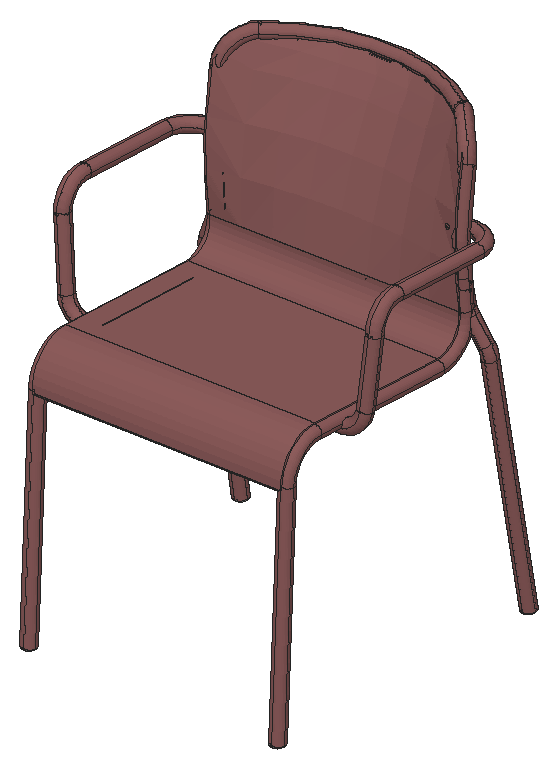
Revit family "FU_Chair_Sandler_Momo", category Furniture, Revit 2020
Family settings
  OmniClass Number = 23.40.20.00
  OmniClass Title = General Furniture and Specialties
  Work Plane-Based = No
  Always vertical = Yes
  Cut with Voids When Loaded = No
  Shared = No
  Room Calculation Point = No
Parameters (values of type "Momo 2")
  Width = 520 mm
  URL = "https://www.sandlerseating.com/product/momo-2/"
  Momo Mesh = Metal - Mesh - Aubergine NCS 5540-Y90R
  Model = "Momo 2"
  Manufacturer = "Sandler"
  Height = 810 mm
  Frame = Metal - Powdercoat - Aubergine NCS 5540-Y90R
  Description = "4-leg armchair made of expanded metal mesh welded to a curved tubular galvanised steel frame, polyester powder coated. Suitable for outdoor use as well as indoor. Stackable up to 12 units. Minimum order quantity 4 and only available in Multiples of 4."
  Depth = 550 mm
  Default Elevation = 0 mm
  Arms_IsVisible = yes
  Arm Width = 580 mm
Types (3, lengths in mm): name | URL | Momo Mesh | Model | Frame | Description | Arms_IsVisible
  (no name) | "https://www.sandlerseating.com/product/momo-2/" | Metal - Mesh - Aubergine NCS 5540-Y90R | "Momo 2" | Metal - Powdercoat - Aubergine NCS 5540-Y90R | "4-leg armchair made of expanded metal mesh welded to a curved tubular galvanised steel frame, polyester powder coated. Suitable for outdoor use as well as indoor. Stackable up to 12 units. Minimum order quantity 4 and only available in Multiples of 4." | yes
  Momo 1 | "https://www.sandlerseating.com/product/momo-1/" | Metal - Mesh - Senf - NCS 2070-Y10R | "Momo 1" | Metal - Powdercoat - Senf - NCS 2070-Y10R | "4-leg chair made of expanded metal mesh welded to a curved tubular galvanised steel frame, polyester powder coated. Suitable for outdoor use as well as indoor. Stackable up to 12 units. Minimum order quantity 4 and only available in Multiples of 4." | no
  Momo 2 | "https://www.sandlerseating.com/product/momo-2/" | Metal - Mesh - Aubergine NCS 5540-Y90R | "Momo 2" | Metal - Powdercoat - Aubergine NCS 5540-Y90R | "4-leg armchair made of expanded metal mesh welded to a curved tubular galvanised steel frame, polyester powder coated. Suitable for outdoor use as well as indoor. Stackable up to 12 units. Minimum order quantity 4 and only available in Multiples of 4." | yes
Reference planes
  plane 1 "Center (Front/Back)": y = 0
  plane 2: z = 0
  plane 3 "Center (Left/Right)": x = 0
  plane 4 "Right": x = -260
  plane 5 "Left": x = 260
  plane 6 "Back": y = 275
  plane 7 "Front": y = -275
  plane 8 "Height": z = 810
  plane 9 "Seat height": z = 450
  plane 10 "Arm Right": x = -290
  plane 11 "Arm Left": x = 290
  plane 12 "FRL C TOP": x = -221.075
  plane 13 "Top Frame Right": z = 797.5
  plane 14 "TF Ang TOP": x = -162.389
  plane 15 "BL C RIGHT": through (4267.2, 252.344, 2.486) normal (0, -0.9835, -0.1811)
  plane 16 "Glide Height": z = 5
Forms (mm)
  Sweep 1, solid, material "Metal - Powdercoat - Aubergine NCS 5540-Y90R" <- "Frame"
    path origin (-221.075, 0, 0) x (0, 1, 0) y (0, 0, 1)
      loop
        line (-262.5, 1.341) -> (-242.426, 407.451)
        arc (-242.426, 407.451) -> (-223.244, 448.454) -> (-180.828, 464.267) r 59.798
        line (-180.828, 464.267) -> (92.309, 446.924)
        arc (92.309, 446.924) -> (140.062, 466.899) -> (153.142, 516.982) r 58.347
        arc (153.142, 516.982) -> (145.417, 631.448) -> (158.863, 745.384) r 621.501
    profile "Pro_Circles : 25mm" origin (-221.075, -252.463, 204.396) x (0, -0.998781, 0.049371) y (1, 0, 0)
      loop
        arc (-12.467, 0.067) -> (-8.882, -8.788) -> (-0.067, -12.467) r 12.401
        arc (-0.067, -12.467) -> (8.836, -8.836) -> (12.467, 0.067) r 12.401
        arc (12.467, 0.067) -> (8.788, 8.882) -> (-0.067, 12.467) r 12.401
        arc (-0.067, 12.467) -> (-8.835, 8.835) -> (-12.467, 0.067) r 12.4
  Sweep 2, solid, material "Metal - Powdercoat - Aubergine NCS 5540-Y90R" <- "Frame"
    path origin (221.075, 0, 0) x (0, 1, 0) y (0, 0, -1)
      loop
        line (-262.5, -1.341) -> (-242.426, -407.451)
        arc (-242.426, -407.451) -> (-223.244, -448.454) -> (-180.828, -464.267) r 59.798
        line (-180.828, -464.267) -> (92.309, -446.924)
        arc (92.309, -446.924) -> (140.062, -466.899) -> (153.142, -516.982) r 58.347
        arc (153.142, -516.982) -> (145.417, -631.448) -> (158.863, -745.384) r 621.501
    profile "Pro_Circles : 25mm" origin (221.075, -252.463, 204.396) x (0, 0.998781, -0.049371) y (-1, 0, 0)
      loop
        arc (12.467, 0.067) -> (8.835, 8.835) -> (0.067, 12.467) r 12.4
        arc (0.067, 12.467) -> (-8.788, 8.882) -> (-12.467, 0.067) r 12.401
        arc (-12.467, 0.067) -> (-8.836, -8.836) -> (0.067, -12.467) r 12.401
        arc (0.067, -12.467) -> (8.882, -8.788) -> (12.467, 0.067) r 12.401
  Sweep 3, solid, material "Metal - Powdercoat - Aubergine NCS 5540-Y90R" <- "Frame"
    path origin (0, 0, 797.5) x (0, -1, 0) y (1, 0, 0)
      loop
        arc (-197.837, -181.519) -> (-263.009, 0) -> (-197.837, 181.519) r 285.372
    profile "Pro_Circles : 25mm" origin (0, 263.009, 797.5) x (0, 1, 0) y (0, 0, 1)
      loop
        arc (-12.467, 0.067) -> (-8.882, -8.788) -> (-0.067, -12.467) r 12.401
        arc (-0.067, -12.467) -> (8.836, -8.836) -> (12.467, 0.067) r 12.401
        arc (12.467, 0.067) -> (8.788, 8.882) -> (-0.067, 12.467) r 12.401
        arc (-0.067, 12.467) -> (-8.835, 8.835) -> (-12.467, 0.067) r 12.4
  Sweep 4, solid, material "Metal - Powdercoat - Aubergine NCS 5540-Y90R" <- "Frame"
    path origin (-332.889, 46.014, 0) x (0.703842, 0.710357, 0) y (0, 0, 1)
      loop
        arc (158.666, 742.988) -> (177.698, 781.757) -> (217.784, 797.832) r 60.258
    profile "Pro_Circles : 25mm" origin (-207.817, 172.243, 781.757) x (-0.47869, -0.48312, 0.73311) y (0.710357, -0.703842, 0)
      loop
        arc (-12.467, 0.067) -> (-8.882, -8.788) -> (-0.067, -12.467) r 12.401
        arc (-0.067, -12.467) -> (8.836, -8.836) -> (12.467, 0.067) r 12.401
        arc (12.467, 0.067) -> (8.788, 8.882) -> (-0.067, 12.467) r 12.401
        arc (-0.067, 12.467) -> (-8.835, 8.835) -> (-12.467, 0.067) r 12.4
  Sweep 5, solid, material "Metal - Powdercoat - Aubergine NCS 5540-Y90R" <- "Frame"
    path origin (332.889, 46.014, 0) x (-0.703842, 0.710357, 0) y (0, 0, -1)
      loop
        arc (158.666, -742.988) -> (177.698, -781.757) -> (217.784, -797.832) r 60.258
    profile "Pro_Circles : 25mm" origin (207.817, 172.243, 781.757) x (-0.47869, 0.48312, -0.73311) y (-0.710357, -0.703842, 0)
      loop
        arc (12.467, 0.067) -> (8.835, 8.835) -> (0.067, 12.467) r 12.4
        arc (0.067, 12.467) -> (-8.788, 8.882) -> (-12.467, 0.067) r 12.401
        arc (-12.467, 0.067) -> (-8.836, -8.836) -> (0.067, -12.467) r 12.401
        arc (0.067, -12.467) -> (8.882, -8.788) -> (12.467, 0.067) r 12.401
  Sweep 6, solid, material "Metal - Powdercoat - Aubergine NCS 5540-Y90R" <- "Frame"
    path origin (0, 244.508, 45.033) x (0, 0.181131, -0.983459) y (1, 0, 0)
      loop
        line (43.375, -255.816) -> (-400.538, -251.303)
        arc (-400.538, -251.303) -> (-411.128, -250.356) -> (-421.2, -246.949) r 44.976
        line (-421.2, -246.949) -> (-465.676, -225.759)
        arc (-465.676, -225.759) -> (-473.063, -222.872) -> (-480.788, -221.075) r 55.118
        line (-480.788, -221.075) -> (-534.707, -221.075)
    profile "Pro_Circles : 25mm" origin (-253.56, 212.161, 220.66) x (-0.999948, -0.001842, 0.009999) y (0, -0.983459, -0.181131)
      loop
        arc (-12.467, 0.067) -> (-8.882, -8.788) -> (-0.067, -12.467) r 12.401
        arc (-0.067, -12.467) -> (8.836, -8.836) -> (12.467, 0.067) r 12.401
        arc (12.467, 0.067) -> (8.788, 8.882) -> (-0.067, 12.467) r 12.401
        arc (-0.067, 12.467) -> (-8.835, 8.835) -> (-12.467, 0.067) r 12.4
  Sweep 7, solid, material "Metal - Powdercoat - Aubergine NCS 5540-Y90R" <- "Frame"
    path origin (0, 244.508, 45.033) x (0, 0.181131, -0.983459) y (-1, 0, 0)
      loop
        line (43.375, -255.816) -> (-400.538, -251.303)
        arc (-400.538, -251.303) -> (-411.128, -250.356) -> (-421.2, -246.949) r 44.976
        line (-421.2, -246.949) -> (-465.676, -225.759)
        arc (-465.676, -225.759) -> (-473.063, -222.872) -> (-480.788, -221.075) r 55.118
        line (-480.788, -221.075) -> (-534.707, -221.075)
    profile "Pro_Circles : 25mm" origin (253.56, 212.161, 220.66) x (-0.999948, 0.001842, -0.009999) y (0, -0.983459, -0.181131)
      loop
        arc (12.467, 0.067) -> (8.835, 8.835) -> (0.067, 12.467) r 12.4
        arc (0.067, 12.467) -> (-8.788, 8.882) -> (-12.467, 0.067) r 12.401
        arc (-12.467, 0.067) -> (-8.836, -8.836) -> (0.067, -12.467) r 12.401
        arc (0.067, -12.467) -> (8.882, -8.788) -> (12.467, 0.067) r 12.401
  Extrusion 8, solid, material "Metal - Powdercoat - Aubergine NCS 5540-Y90R" <- "Frame"
    sketch origin (0, 0, 0) x (0, 1, 0) y (0, 0, 1)
      loop
        circle (-247.284, 404.016) r 6
    from -221 to 221.008
  Extrusion 9, void
    sketch origin (0, 0, 0) x (0, 1, 0) y (0, 0, 1)
      loop
        line (-285, -5) -> (275, -5) -> (275, 5) -> (-285, 5) -> (-285, -5)
    from -290 to 290
  Revolve 10, solid, material "Rubber, Black"
    sketch origin (-221.075, 0, 0) x (0, 1, 0) y (0, 0, 1)
      loop
        spline (-273.129, 7.5) -> (-274.051, 6.708) -> (-274.614, 5.864) -> (-274.802, 4.993) -> (-274.608, 4.123) -> (-274.039, 3.279) -> (-273.112, 2.488) -> (-271.856, 1.774) -> (-270.309, 1.158) -> (-268.517, 0.66) -> (-266.536, 0.294) -> (-264.426, 0.072) -> (-262.253, 0)
        line (-262.253, 0) -> (-262.253, 7.5) -> (-273.129, 7.5)
      axis (-262.253, 7.5) -> (-262.253, 0)
    angle from 0 to 360
  Revolve 11, solid, material "Rubber, Black"
    sketch origin (221.075, 0, 0) x (0, 1, 0) y (0, 0, -1)
      loop
        line (-273.129, -7.5) -> (-262.253, -7.5) -> (-262.253, 0)
        spline (-262.253, 0) -> (-264.426, -0.072) -> (-266.536, -0.294) -> (-268.517, -0.66) -> (-270.309, -1.158) -> (-271.856, -1.774) -> (-273.112, -2.488) -> (-274.039, -3.279) -> (-274.608, -4.123) -> (-274.802, -4.993) -> (-274.614, -5.864) -> (-274.051, -6.708) -> (-273.129, -7.5)
      axis (-262.253, -7.5) -> (-262.253, 0)
    angle from 0 to 360
  Revolve 12, solid, material "Rubber, Black"
    sketch origin (255.699, -10.296, 0) x (0, -1, 0) y (0, 0, 1)
      loop
        spline (-273.129, 7.5) -> (-274.051, 6.708) -> (-274.614, 5.864) -> (-274.802, 4.993) -> (-274.608, 4.123) -> (-274.039, 3.279) -> (-273.112, 2.488) -> (-271.856, 1.774) -> (-270.309, 1.158) -> (-268.517, 0.66) -> (-266.536, 0.294) -> (-264.426, 0.072) -> (-262.253, 0)
        line (-262.253, 0) -> (-262.253, 7.5) -> (-273.129, 7.5)
      axis (-262.253, 7.5) -> (-262.253, 0)
    angle from 0 to 360
  Revolve 13, solid, material "Rubber, Black"
    sketch origin (-255.699, -10.296, 0) x (0, -1, 0) y (0, 0, -1)
      loop
        line (-273.129, -7.5) -> (-262.253, -7.5) -> (-262.253, 0)
        spline (-262.253, 0) -> (-264.426, -0.072) -> (-266.536, -0.294) -> (-268.517, -0.66) -> (-270.309, -1.158) -> (-271.856, -1.774) -> (-273.112, -2.488) -> (-274.039, -3.279) -> (-274.608, -4.123) -> (-274.802, -4.993) -> (-274.614, -5.864) -> (-274.051, -6.708) -> (-273.129, -7.5)
      axis (-262.253, -7.5) -> (-262.253, 0)
    angle from 0 to 360
  Extrusion 14, solid, material "Metal - Mesh - Aubergine NCS 5540-Y90R" <- "Momo Mesh"
    sketch origin (0, 0, 0) x (0, 1, 0) y (0, 0, 1)
      loop
        line (-180.21, 477.09) -> (93.037, 459.37)
        arc (93.037, 459.37) -> (130.712, 475.147) -> (140.879, 514.707) r 45.879
        line (140.879, 514.707) -> (139.369, 514.707)
        arc (139.369, 514.707) -> (129.382, 476.618) -> (93.037, 461.467) r 44.374
        line (93.037, 461.467) -> (-180.21, 479.187)
        arc (-180.21, 479.187) -> (-234.591, 458.568) -> (-254.754, 404.016) r 70.189
        line (-254.754, 404.016) -> (-253.284, 404.016)
        arc (-253.284, 404.016) -> (-233.287, 457.092) -> (-180.21, 477.09) r 68.768
    from -221 to 221
  SweptBlend 15, solid, material "Metal - Mesh - Aubergine NCS 5540-Y90R" <- "Momo Mesh"
    path in 3D
      loop
        arc (0, 141.567, 510.548) -> (0, 135.371, 673.423) -> (0, 170.908, 832.495) r 633.968
    profile origin (0, 141.567, 510.548) x (0, -0.9861, -0.166155) y (1, 0, 0)
      loop
        line (1.189, 222.611) -> (-0.311, 222.611) -> (-0.311, -221.008) -> (1.189, -221.008) -> (1.189, 222.611)
    end profile "Pro_momo-Mesh-top : Pro_momo-Mesh-top" origin (0, 170.908, 832.495) x (0, -0.939818, 0.341674) y (1, 0, 0)
      loop
        arc (1.984, -221) -> (-89.776, 0) -> (1.984, 221) r 312.013
        line (1.984, 221) -> (0.471, 221)
        arc (0.471, 221) -> (-91.29, 0) -> (0.471, -221) r 312.013
        line (0.471, -221) -> (1.984, -221)
  Extrusion 16, void
    sketch origin (0, 275, 0) x (-1, 0, 0) y (0, 0, 1)
      loop
        line (260, 742.5) -> (260, 847.5) -> (-260, 847.5) -> (-260, 742.5) -> (-225, 742.5)
        arc (-225, 742.5) -> (-204.058, 781.797) -> (-162.389, 797.5) r 63.137
        line (-162.389, 797.5) -> (162.389, 797.5)
        arc (162.389, 797.5) -> (204.058, 781.797) -> (225, 742.5) r 63.137
        line (225, 742.5) -> (260, 742.5)
    from 0 to -177.3
Cuts and joins
  Extrusion 9 cuts Sweep 1
  Extrusion 9 cuts Sweep 6
  Extrusion 9 cuts Sweep 2
  Extrusion 9 cuts Sweep 7
  Extrusion 16 cuts SweptBlend 15
Lines and regions (mm)
  sketch lines
    curve 1: arc (0, 141.567, 510.548) -> (0, 135.371, 673.423) -> (0, 170.908, 832.495) r 633.968
Dimensions and locks
  equal spacing: plane 4 "Right", plane 3 "Center (Left/Right)", plane 5 "Left"
  "Width": plane 4 "Right" to plane 5 "Left"
  equal spacing: plane 6 "Back", plane 1 "Center (Front/Back)", plane 7 "Front"
  "Depth": plane 6 "Back" to plane 7 "Front"
  "Height": plane 8 "Height" to level
  plane 9 "Seat height" to level = 450 mm
  equal spacing: plane 10 "Arm Right", plane 3 "Center (Left/Right)", plane 11 "Arm Left"
  "Arm Width": plane 10 "Arm Right" to plane 11 "Arm Left"
  aligned and locked: level to plane 2
Automatic sketch dimensions
  plane 7 "Front" to Sweep 1 sketch curve = 32.574 mm
  Sweep 1 sketch curve to Sweep 1 sketch curve = 59.725 mm
  plane 9 "Seat height" to Sweep 1 sketch curve = 14.267 mm
  Sweep 1 sketch curve to Sweep 1 sketch curve = 1.873 mm
  Sweep 1 sketch curve to plane 9 "Seat height" = 3.076 mm
  Sweep 1 sketch curve to plane 1 "Center (Front/Back)" = 92.309 mm
  Sweep 1 sketch curve to Sweep 1 sketch curve = 3.697 mm
  plane 9 "Seat height" to Sweep 1 sketch curve = 165.884 mm
  plane 6 "Back" to Sweep 1 sketch curve = 491.722 mm
  Sweep 1 sketch curve to plane 9 "Seat height" = 42.549 mm
  plane 9 "Seat height" to Sweep 1 sketch curve = 55.154 mm
  level to Sweep 1 sketch curve = 1.341 mm
  plane 7 "Front" to Sweep 1 sketch curve = 12.5 mm
  Sweep 1 sketch curve to Sweep 1 sketch curve = 57.135 mm
  Sweep 1 sketch curve to plane 13 "Top Frame Right" = 52.116 mm
  plane 7 "Front" to Sweep 2 sketch curve = 32.574 mm
  Sweep 2 sketch curve to Sweep 2 sketch curve = 59.725 mm
  plane 9 "Seat height" to Sweep 2 sketch curve = 14.267 mm
  Sweep 2 sketch curve to Sweep 2 sketch curve = 1.873 mm
  Sweep 2 sketch curve to plane 9 "Seat height" = 3.076 mm
  Sweep 2 sketch curve to plane 1 "Center (Front/Back)" = 92.309 mm
  Sweep 2 sketch curve to Sweep 2 sketch curve = 3.697 mm
  plane 9 "Seat height" to Sweep 2 sketch curve = 165.884 mm
  plane 6 "Back" to Sweep 2 sketch curve = 491.722 mm
  plane 9 "Seat height" to Sweep 2 sketch curve = 55.154 mm
  Sweep 2 sketch curve to plane 9 "Seat height" = 42.549 mm
  level to Sweep 2 sketch curve = 1.341 mm
  plane 7 "Front" to Sweep 2 sketch curve = 12.5 mm
  Sweep 2 sketch curve to Sweep 2 sketch curve = 57.135 mm
  Sweep 2 sketch curve to plane 13 "Top Frame Right" = 52.116 mm
  Sweep 3 sketch curve to plane 3 "Center (Left/Right)" = 0 mm
  plane 1 "Center (Front/Back)" to Sweep 3 sketch curve = 22.363 mm
  Sweep 3 sketch curve to plane 6 "Back" = 77.163 mm  (x2)
  Sweep 3 sketch curve to plane 14 "TF Ang TOP" = 19.13 mm
  Sweep 4 sketch curve to plane 13 "Top Frame Right" = 59.919 mm
  plane 13 "Top Frame Right" to Sweep 4 sketch curve = 0.332 mm
  Sweep 4 sketch curve to Sweep 4 sketch curve = 0.896 mm
  Sweep 4 sketch curve to plane 13 "Top Frame Right" = 54.512 mm
  Sweep 5 sketch curve to plane 13 "Top Frame Right" = 59.919 mm
  plane 13 "Top Frame Right" to Sweep 5 sketch curve = 0.332 mm
  Sweep 5 sketch curve to Sweep 5 sketch curve = 0.896 mm
  Sweep 5 sketch curve to plane 13 "Top Frame Right" = 54.512 mm
  Sweep 6 sketch curve to plane 10 "Arm Right" = 14.481 mm
  Sweep 6 sketch curve to plane 12 "FRL C TOP" = 0 mm
  Sweep 6 sketch curve to Sweep 6 sketch curve = 8.596 mm
  Sweep 6 sketch curve to plane 12 "FRL C TOP" = 4.685 mm
  Sweep 6 sketch curve to plane 4 "Right" = 13.051 mm
  Sweep 6 sketch curve to Sweep 6 sketch curve = 44.476 mm
  plane 12 "FRL C TOP" to Sweep 6 sketch curve = 14.728 mm
  Sweep 6 sketch curve to Sweep 6 sketch curve = 19.345 mm
  Sweep 6 sketch curve to plane 4 "Right" = 8.697 mm
  Sweep 6 sketch curve to Sweep 6 sketch curve = 53.92 mm
  Sweep 6 sketch curve to plane 4 "Right" = 4.184 mm
  Sweep 6 sketch curve to Sweep 6 sketch curve = 443.913 mm
  Sweep 7 sketch curve to plane 11 "Arm Left" = 14.481 mm
  Sweep 7 sketch curve to Sweep 7 sketch curve = 8.596 mm
  Sweep 7 sketch curve to plane 5 "Left" = 34.241 mm
  Sweep 7 sketch curve to Sweep 7 sketch curve = 15.111 mm
  Sweep 7 sketch curve to plane 5 "Left" = 13.051 mm
  Sweep 7 sketch curve to Sweep 7 sketch curve = 44.476 mm
  Sweep 7 sketch curve to Sweep 7 sketch curve = 19.345 mm
  Sweep 7 sketch curve to plane 5 "Left" = 8.697 mm
  Sweep 7 sketch curve to Sweep 7 sketch curve = 20.662 mm
  Sweep 7 sketch curve to Sweep 7 sketch curve = 53.92 mm
  Sweep 7 sketch curve to plane 5 "Left" = 4.184 mm
  Sweep 7 sketch curve to Sweep 7 sketch curve = 443.913 mm
  plane 7 "Front" to Extrusion 8 sketch curve = 27.716 mm
  Extrusion 8 sketch curve to plane 9 "Seat height" = 45.984 mm
  Extrusion 9 sketch curve to plane 16 "Glide Height" = 0 mm
  Extrusion 9 sketch curve to plane 6 "Back" = 0 mm
  Extrusion 9 sketch curve to level = 5 mm
  Extrusion 9 sketch curve to plane 7 "Front" = 10 mm
  Revolve 10 sketch curve to plane 16 "Glide Height" = 0 mm
  plane 7 "Front" to Revolve 10 sketch curve = 1.871 mm
  plane 16 "Glide Height" to Revolve 10 sketch curve = 2.5 mm
  Revolve 10 sketch curve to Revolve 10 sketch curve = 10.877 mm
  level to Revolve 10 sketch curve = 0 mm
  plane 7 "Front" to Revolve 10 sketch curve = 0.198 mm
  Revolve 10 sketch curve to Revolve 10 sketch curve = 0 mm  (x2)
  Revolve 10 sketch curve to level = 2.99 mm
  Revolve 11 sketch curve to plane 16 "Glide Height" = 0 mm
  plane 7 "Front" to Revolve 11 sketch curve = 1.871 mm
  plane 16 "Glide Height" to Revolve 11 sketch curve = 2.5 mm
  Revolve 11 sketch curve to Revolve 11 sketch curve = 10.877 mm
  level to Revolve 11 sketch curve = 0 mm
  plane 7 "Front" to Revolve 11 sketch curve = 0.198 mm
  Revolve 11 sketch curve to Revolve 11 sketch curve = 0 mm  (x2)
  Revolve 11 sketch curve to level = 2.99 mm
  Revolve 12 sketch curve to plane 16 "Glide Height" = 0 mm
  plane 16 "Glide Height" to Revolve 12 sketch curve = 2.5 mm
  Revolve 12 sketch curve to plane 6 "Back" = 12.167 mm
  Revolve 12 sketch curve to Revolve 12 sketch curve = 10.877 mm
  level to Revolve 12 sketch curve = 0 mm
  Revolve 12 sketch curve to Revolve 12 sketch curve = 1.672 mm
  Revolve 12 sketch curve to Revolve 12 sketch curve = 0 mm  (x2)
  Revolve 12 sketch curve to level = 2.99 mm
  Revolve 13 sketch curve to plane 16 "Glide Height" = 0 mm
  plane 16 "Glide Height" to Revolve 13 sketch curve = 2.5 mm
  Revolve 13 sketch curve to plane 6 "Back" = 12.167 mm
  Revolve 13 sketch curve to Revolve 13 sketch curve = 10.877 mm
  level to Revolve 13 sketch curve = 0 mm
  Revolve 13 sketch curve to Revolve 13 sketch curve = 1.672 mm
  Revolve 13 sketch curve to Revolve 13 sketch curve = 0 mm  (x2)
  Revolve 13 sketch curve to level = 2.99 mm
  plane 7 "Front" to Extrusion 14 sketch curve = 21.716 mm
  Extrusion 14 sketch curve to Extrusion 14 sketch curve = 0.092 mm
  plane 9 "Seat height" to Extrusion 14 sketch curve = 27.09 mm
  Extrusion 14 sketch curve to Extrusion 14 sketch curve = 4.542 mm
  plane 9 "Seat height" to Extrusion 14 sketch curve = 9.37 mm
  Extrusion 14 sketch curve to plane 1 "Center (Front/Back)" = 93.037 mm
  plane 9 "Seat height" to Extrusion 14 sketch curve = 11.467 mm
  Extrusion 14 sketch curve to Extrusion 14 sketch curve = 0 mm  (x2)
  Extrusion 14 sketch curve to Extrusion 14 sketch curve = 2.872 mm
  Extrusion 14 sketch curve to Extrusion 14 sketch curve = 0.097 mm
  Extrusion 14 sketch curve to Extrusion 14 sketch curve = 43.46 mm
  Extrusion 14 sketch curve to Extrusion 14 sketch curve = 1.51 mm
  Extrusion 14 sketch curve to plane 9 "Seat height" = 40.855 mm
  Extrusion 14 sketch curve to Extrusion 14 sketch curve = 0.679 mm
  Extrusion 14 sketch curve to Extrusion 14 sketch curve = 43.686 mm
  Extrusion 14 sketch curve to Extrusion 14 sketch curve = 1.469 mm
  plane 9 "Seat height" to Extrusion 14 sketch curve = 29.187 mm
  profile plane to SweptBlend 15 sketch curve = 0.311 mm
  SweptBlend 15 sketch curve to SweptBlend 15 sketch curve = 1.5 mm
  SweptBlend 15 sketch curve to profile plane = 221.008 mm
  profile plane to SweptBlend 15 sketch curve = 222.611 mm
  plane 5 "Left" to Extrusion 16 sketch curve = 0 mm
  Extrusion 16 sketch curve to plane 13 "Top Frame Right" = 0 mm
  Extrusion 16 sketch curve to plane 14 "TF Ang TOP" = 0 mm
  plane 4 "Right" to Extrusion 16 sketch curve = 0 mm
  plane 5 "Left" to Extrusion 16 sketch curve = 35 mm
  Extrusion 16 sketch curve to plane 12 "FRL C TOP" = 3.925 mm
  Extrusion 16 sketch curve to plane 13 "Top Frame Right" = 55 mm
  Extrusion 16 sketch curve to plane 8 "Height" = 67.5 mm
  Extrusion 16 sketch curve to Extrusion 16 sketch curve = 8.137 mm
  plane 8 "Height" to Extrusion 16 sketch curve = 37.5 mm
  radius of Extrusion 8 sketch curve = 6 mm
Nested families
  nested 1: "Momo_Arm" at (0, 0, 0), visible <- "Arms_IsVisible", Frame <- "Frame", type "Momo_Arm"
    with Frame Metal - Powdercoat - Aubergine NCS 5540-Y90R
Definition of nested family "Momo_Arm"
  Parameters (values of type "Momo_Arm")
    Width = 520 mm
    Height = 810 mm
    Frame [instance] = none
    Depth = 550 mm
    Default Elevation = 0 mm
    Arm Width = 580 mm
  Reference planes
    plane 1 "Center (Front/Back)": y = 0
    plane 2: z = 0
    plane 3 "Center (Left/Right)": x = 0
    plane 4 "Right": x = -260
    plane 5 "Left": x = 260
    plane 6 "Back": y = 275
    plane 7 "Front": y = -275
    plane 8 "Height": z = 810
    plane 9 "Seat height": z = 450
    plane 10 "Arm Right": x = -290
    plane 11 "Arm Left": x = 290
    plane 12 "BL C RIGHT": through (4267.2, 252.344, 2.486) normal (0, -0.9835, -0.1811)
    plane 13 "Glide Height": z = 5
    plane 14 "ARM V C RIGHT": through (4267.2, -123.312, 492.223) normal (0, -0.9987, 0.0513)
    plane 15 "ARM H C RIGHT": through (4267.2, -71.302, 656.704) normal (0, 0.0638, 0.998)
    plane 16 "ARM V C FRONT": through (265.992, -1524, 492.131) normal (-0.9976, 0, 0.0692)
    plane 17 "ARM H C TOP": x = 277.697
  Forms (mm)
    Sweep 1, solid, material <- "Frame"
      path origin (0, -148.188, 7.607) x (0, -0.051264, -0.998685) y (1, 0, 0)
        loop
          line (-607.683, 277.515) -> (-484.645, 265.946)
          arc (-484.645, 265.946) -> (-456.177, 251.496) -> (-446.731, 221) r 40.956
      profile "Pro_Circles : 25mm" origin (271.731, -120.189, 553.052) x (0.995609, -0.004799, -0.09349) y (0, -0.998685, 0.051264)
        loop
          arc (-12.467, 0.067) -> (-8.882, -8.788) -> (-0.067, -12.467) r 12.401
          arc (-0.067, -12.467) -> (8.836, -8.836) -> (12.467, 0.067) r 12.401
          arc (12.467, 0.067) -> (8.788, 8.882) -> (-0.067, 12.467) r 12.401
          arc (-0.067, 12.467) -> (-8.835, 8.835) -> (-12.467, 0.067) r 12.4
    Sweep 2, solid, material <- "Frame"
      path origin (0, 41.545, 649.486) x (0, -0.99796, 0.063835) y (1, 0, 0)
        loop
          line (113.014, 277.63) -> (-69.072, 277.63)
          arc (-69.072, 277.63) -> (-111.612, 253.07) -> (-111.612, 203.949) r 49.121
      profile "Pro_Circles : 25mm" origin (277.63, 19.618, 650.888) x (-1, 0, 0) y (0, 0.063835, 0.99796)
        loop
          arc (-12.467, 0.067) -> (-8.882, -8.788) -> (-0.067, -12.467) r 12.401
          arc (-0.067, -12.467) -> (8.836, -8.836) -> (12.467, 0.067) r 12.401
          arc (12.467, 0.067) -> (8.788, 8.882) -> (-0.067, 12.467) r 12.401
          arc (-0.067, 12.467) -> (-8.835, 8.835) -> (-12.467, 0.067) r 12.4
    Revolve 3, solid, material <- "Frame"
      sketch origin (0, 41.545, 649.486) x (0, -0.99796, 0.063835) y (1, 0, 0)
        loop
          line (-111.961, 204.553) -> (-122.742, 198.329)
          arc (-122.742, 198.329) -> (-115.167, 191.996) -> (-105.356, 193.114) r 12.533
          line (-105.356, 193.114) -> (-111.961, 204.553)
        axis (-111.961, 204.553) -> (-105.356, 193.114)
      angle from 0 to 360
    Revolve 4, solid, material <- "Frame"
      sketch origin (0, -148.188, 7.607) x (0, -0.051264, -0.998685) y (1, 0, 0)
        loop
          line (-446.623, 222.074) -> (-458.986, 223.314)
          arc (-458.986, 223.314) -> (-456.695, 213.553) -> (-447.974, 208.608) r 12.511
          line (-447.974, 208.608) -> (-446.623, 222.074)
        axis (-446.623, 222.074) -> (-447.974, 208.608)
      angle from 0 to 360
    Sweep 5, solid, material <- "Frame"
      path origin (277.697, 0, 0) x (0, 1, 0) y (0, 0, 1)
        loop
          arc (-117.287, 612.482) -> (-103.149, 645.365) -> (-69.252, 656.86) r 44
      profile "Pro_Circles : 25mm" origin (277.697, -103.149, 645.365) x (0, -0.678591, 0.734516) y (1, 0, 0)
        loop
          arc (-12.467, 0.067) -> (-8.882, -8.788) -> (-0.067, -12.467) r 12.401
          arc (-0.067, -12.467) -> (8.836, -8.836) -> (12.467, 0.067) r 12.401
          arc (12.467, 0.067) -> (8.788, 8.882) -> (-0.067, 12.467) r 12.401
          arc (-0.067, 12.467) -> (-8.835, 8.835) -> (-12.467, 0.067) r 12.4
    Revolve 6, solid, material <- "Frame"
      sketch origin (0, 41.545, 649.486) x (0, -0.99796, 0.063835) y (-1, 0, 0)
        loop
          line (-111.961, 204.553) -> (-122.742, 198.329)
          arc (-122.742, 198.329) -> (-115.167, 191.996) -> (-105.356, 193.114) r 12.533
          line (-105.356, 193.114) -> (-111.961, 204.553)
        axis (-111.961, 204.553) -> (-105.356, 193.114)
      angle from 0 to 360
    Sweep 7, solid, material <- "Frame"
      path origin (0, 41.545, 649.486) x (0, -0.99796, 0.063835) y (-1, 0, 0)
        loop
          line (113.014, 277.63) -> (-69.072, 277.63)
          arc (-69.072, 277.63) -> (-111.612, 253.07) -> (-111.612, 203.949) r 49.121
      profile "Pro_Circles : 25mm" origin (-277.63, 19.618, 650.888) x (-1, 0, 0) y (0, 0.063835, 0.99796)
        loop
          arc (12.467, 0.067) -> (8.835, 8.835) -> (0.067, 12.467) r 12.4
          arc (0.067, 12.467) -> (-8.788, 8.882) -> (-12.467, 0.067) r 12.401
          arc (-12.467, 0.067) -> (-8.836, -8.836) -> (0.067, -12.467) r 12.401
          arc (0.067, -12.467) -> (8.882, -8.788) -> (12.467, 0.067) r 12.401
    Sweep 8, solid, material <- "Frame"
      path origin (-277.697, 0, 0) x (0, 1, 0) y (0, 0, -1)
        loop
          arc (-117.287, -612.482) -> (-103.149, -645.365) -> (-69.252, -656.86) r 44
      profile "Pro_Circles : 25mm" origin (-277.697, -103.149, 645.365) x (0, 0.678591, -0.734516) y (-1, 0, 0)
        loop
          arc (12.467, 0.067) -> (8.835, 8.835) -> (0.067, 12.467) r 12.4
          arc (0.067, 12.467) -> (-8.788, 8.882) -> (-12.467, 0.067) r 12.401
          arc (-12.467, 0.067) -> (-8.836, -8.836) -> (0.067, -12.467) r 12.401
          arc (0.067, -12.467) -> (8.882, -8.788) -> (12.467, 0.067) r 12.401
    Sweep 9, solid, material <- "Frame"
      path origin (0, -148.188, 7.607) x (0, -0.051264, -0.998685) y (-1, 0, 0)
        loop
          line (-607.683, 277.515) -> (-484.645, 265.946)
          arc (-484.645, 265.946) -> (-456.177, 251.496) -> (-446.731, 221) r 40.956
      profile "Pro_Circles : 25mm" origin (-271.731, -120.189, 553.052) x (0.995609, 0.004799, 0.09349) y (0, -0.998685, 0.051264)
        loop
          arc (12.467, 0.067) -> (8.835, 8.835) -> (0.067, 12.467) r 12.4
          arc (0.067, 12.467) -> (-8.788, 8.882) -> (-12.467, 0.067) r 12.401
          arc (-12.467, 0.067) -> (-8.836, -8.836) -> (0.067, -12.467) r 12.401
          arc (0.067, -12.467) -> (8.882, -8.788) -> (12.467, 0.067) r 12.401
    Revolve 10, solid, material <- "Frame"
      sketch origin (0, -148.188, 7.607) x (0, -0.051264, -0.998685) y (-1, 0, 0)
        loop
          line (-446.623, 222.074) -> (-458.986, 223.314)
          arc (-458.986, 223.314) -> (-456.695, 213.553) -> (-447.974, 208.608) r 12.511
          line (-447.974, 208.608) -> (-446.623, 222.074)
        axis (-446.623, 222.074) -> (-447.974, 208.608)
      angle from 0 to 360
  Dimensions and locks
    equal spacing: plane 4 "Right", plane 3 "Center (Left/Right)", plane 5 "Left"
    "Width": plane 4 "Right" to plane 5 "Left"
    equal spacing: plane 6 "Back", plane 1 "Center (Front/Back)", plane 7 "Front"
    "Depth": plane 6 "Back" to plane 7 "Front"
    "Height": plane 8 "Height" to level
    plane 9 "Seat height" to level = 450 mm
    equal spacing: plane 10 "Arm Right", plane 3 "Center (Left/Right)", plane 11 "Arm Left"
    "Arm Width": plane 10 "Arm Right" to plane 11 "Arm Left"
    aligned and locked: level to plane 2
  Automatic sketch dimensions
    plane 5 "Left" to Sweep 1 sketch curve = 34.911 mm
    Sweep 1 sketch curve to plane 5 "Left" = 5.946 mm
    Sweep 1 sketch curve to Sweep 1 sketch curve = 2.837 mm
    Sweep 1 sketch curve to plane 17 "ARM H C TOP" = 0.182 mm
    Sweep 1 sketch curve to Sweep 1 sketch curve = 123.038 mm
    plane 5 "Left" to Sweep 1 sketch curve = 39 mm
    plane 5 "Left" to Sweep 2 sketch curve = 31.491 mm
    Sweep 2 sketch curve to plane 17 "ARM H C TOP" = 0.067 mm
    Sweep 2 sketch curve to Sweep 2 sketch curve = 42.54 mm
    Sweep 2 sketch curve to Sweep 2 sketch curve = 182.086 mm
    plane 5 "Left" to Revolve 3 sketch curve = 61.671 mm
    plane 5 "Left" to Revolve 3 sketch curve = 55.447 mm  (x2)
    Revolve 3 sketch curve to Revolve 3 sketch curve = 10.781 mm
    Revolve 3 sketch curve to Revolve 3 sketch curve = 0.395 mm
    plane 3 "Center (Left/Right)" to Revolve 3 sketch curve = 193.114 mm
    Revolve 3 sketch curve to Revolve 3 sketch curve = 0 mm  (x2)
    plane 5 "Left" to Revolve 3 sketch curve = 66.886 mm
    plane 5 "Left" to Revolve 4 sketch curve = 36.686 mm
    plane 5 "Left" to Revolve 4 sketch curve = 51.392 mm  (x2)
    Revolve 4 sketch curve to Revolve 4 sketch curve = 11.012 mm
    Revolve 4 sketch curve to Revolve 4 sketch curve = 1.293 mm
    plane 5 "Left" to Revolve 4 sketch curve = 37.926 mm  (x2)
    Revolve 4 sketch curve to Revolve 4 sketch curve = 0 mm  (x2)
    plane 1 "Center (Front/Back)" to Sweep 5 sketch curve = 73.291 mm
    plane 9 "Seat height" to Sweep 5 sketch curve = 163.046 mm
    Sweep 5 sketch curve to Sweep 5 sketch curve = 43.996 mm
    Sweep 5 sketch curve to Sweep 5 sketch curve = 4.039 mm
    Sweep 5 sketch curve to Sweep 5 sketch curve = 0.563 mm
    plane 4 "Right" to Revolve 6 sketch curve = 61.671 mm
    plane 4 "Right" to Revolve 6 sketch curve = 55.447 mm  (x2)
    Revolve 6 sketch curve to Revolve 6 sketch curve = 10.781 mm
    Revolve 6 sketch curve to Revolve 6 sketch curve = 0.395 mm
    plane 3 "Center (Left/Right)" to Revolve 6 sketch curve = 193.114 mm
    Revolve 6 sketch curve to Revolve 6 sketch curve = 0 mm  (x2)
    plane 4 "Right" to Revolve 6 sketch curve = 66.886 mm
    plane 4 "Right" to Sweep 7 sketch curve = 31.491 mm
    plane 10 "Arm Right" to Sweep 7 sketch curve = 12.37 mm
    Sweep 7 sketch curve to Sweep 7 sketch curve = 42.54 mm
    Sweep 7 sketch curve to Sweep 7 sketch curve = 182.086 mm
    plane 1 "Center (Front/Back)" to Sweep 8 sketch curve = 73.291 mm
    plane 9 "Seat height" to Sweep 8 sketch curve = 163.046 mm
    Sweep 8 sketch curve to Sweep 8 sketch curve = 43.996 mm
    Sweep 8 sketch curve to Sweep 8 sketch curve = 4.039 mm
    Sweep 8 sketch curve to Sweep 8 sketch curve = 43.814 mm
    plane 4 "Right" to Sweep 9 sketch curve = 34.911 mm
    Sweep 9 sketch curve to plane 4 "Right" = 5.946 mm
    Sweep 9 sketch curve to Sweep 9 sketch curve = 2.837 mm
    plane 10 "Arm Right" to Sweep 9 sketch curve = 12.485 mm
    Sweep 9 sketch curve to Sweep 9 sketch curve = 123.038 mm
    plane 4 "Right" to Sweep 9 sketch curve = 39 mm
    plane 4 "Right" to Revolve 10 sketch curve = 36.686 mm
    plane 4 "Right" to Revolve 10 sketch curve = 51.392 mm  (x2)
    Revolve 10 sketch curve to Revolve 10 sketch curve = 11.012 mm
    Revolve 10 sketch curve to Revolve 10 sketch curve = 1.293 mm
    plane 4 "Right" to Revolve 10 sketch curve = 37.926 mm  (x2)
    Revolve 10 sketch curve to Revolve 10 sketch curve = 0 mm  (x2)
